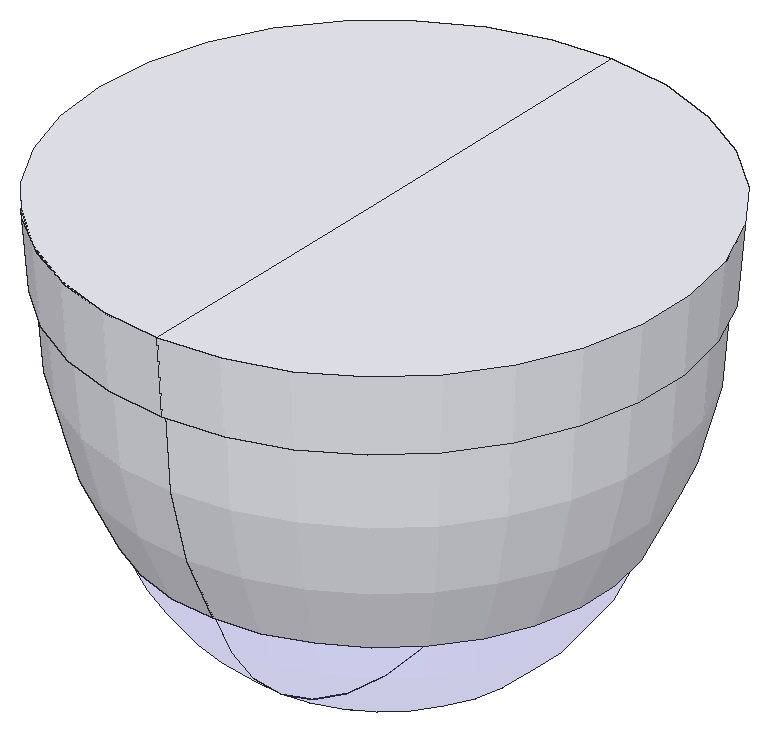
Revit family "PD4 AP types Sans hôte", category Dispositifs d'éclairage, Revit 2019
Family settings
  Conserver l'orientation des annotations = Non
  Cote de connecteur circulaire = Utiliser le diamètre
  Type d'élément = Normal
  Basée sur le plan de construction = Oui
  Toujours verticalement = Oui
  Couper avec des vides une fois chargée = Non
  Partagée = Non
  Point de calcul de pièce = Non
Parameters (values of type "01- PD4 AP Générique")
  Portée frontale [instance] = Position en hauteur * 3.2  # 800 cm
  Portée de biais [instance] = Position en hauteur * 9.6  # 2400 cm
  Hauteur de montage max préconisée [instance] = Hauteur de montage max  # 350 cm
  Hauteur de montage max = 350 cm
  Activitée assise [instance] = Position en hauteur * 2.56  # 640 cm
  Zone de detection [instance] = no
  URL = "http://www.luxomat.com"
  Type de Sortie = ""
  Température ambiante = "-25°C à +50°C"
  Référence = ""
  Relais = ""
  Position en hauteur [instance] = 250 cm
  Mode de pose = "Saillie"
  Etiquette [instance] = yes
  Modèle = "PD4 AP"
  Marque = "LUXOMAT"
  Image du type = 360°.jpg
  IP = "20 ou 54"
  Fabricant = "B.E.G."
  Default Elevation = 0 cm
  Consommation = ""
  Commentaires du type = "DET.PRES.360°/Ø24M APPARENT"
  Code d'assemblage = "D5010200"
  Classe = "II"
  Charge LED = ""
  Charge Cos ɸ =1 = ""
  Charge Cos ɸ =0.5 = ""
  Zone assise [instance] = Position en hauteur < 350.1 cm  # yes
  Alimentation = "110-240 V AC"
Types (25, lengths in cm): name | Type de Sortie | Température ambiante | Référence | Relais | Modèle | IP | Consommation | Commentaires du type | Charge LED | Charge Cos ɸ =1 | Charge Cos ɸ =0.5 | Alimentation
  (no name) | "" | "-25°C à +50°C" | "" | "" | "PD4 AP" | "20 ou 54" | "" | "DET.PRES.360°/Ø24M APPARENT" | "" | "" | "" | "110-240 V AC"
  01- PD4 AP Générique | "" | "-25°C à +50°C" | "" | "" | "PD4 AP" | "20 ou 54" | "" | "DET.PRES.360°/Ø24M APPARENT" | "" | "" | "" | "110-240 V AC"
  21- PD4N KNX DX AP réf 93387 | "KNX - 1 sortie Eclairage TOR ou GRADATION / 3 sorties Présence / Capteur de température et bruit" | "-5°C à +45°C" | "93387+93307" | "0" | "PD4N KNX DX AP" | "54" | "12 mA" | "DET.PRES.KNX.VERSION DELUXE.360°/Ø24M ENCASTRE + KIT AP réf 93307" | "0" | "0" | "0" | "24 V DC par bus KNX"
  14- PD4 M TRIO DIM AP réf 92730 | "2 DIM (25 ballasts maxi-1er jour/2ème jour) + TOR (Tableau ou CVC)" | "-25°C à +50°C" | "92730" | "16 A" | "PD4 M TRIO DIM AP" | "20 ou 54" | "0,78 W" | "DET.PRES.MAITRE.TRIO.2 DIM(1-10V) + TOR.360°/Ø24M APPARENT" | "300 W" | "3000 W" | "1500 VA" | "110-240 V AC"
  03- PD4 M 1C AP réf 92580 | "TOR" | "-25°C à +50°C" | "92580" | "10 A" | "PD4 M 1C AP" | "20 ou 54" | "0,45 W" | "DET.PRES.MAITRE.1 CONTACT.360°/Ø24M APPARENT" | "300 W" | "2300 W" | "1150 VA" | "110-240 V AC"
  07- PD4N M DACO AP réf 93460 | "DALI 2  (40 drivers maxi)" | "-25°C à +50°C" | "93460+93465" | "0" | "PD4N M DACO AP" | "54" | "2 W" | "DET.PRES.MAITRE.DALI 2.360°/Ø10M APPARENT + KIT AP réf 93465" | "0" | "0" | "0" | "110-240 V AC"
  13- PD4 M DUO DIM AP réf 92271 | "2 DIM (25 ballasts maxi-1er jour/2ème jour)" | "-25°C à +50°C" | "92271" | "10 A" | "PD4 M DUO DIM AP" | "54" | "0,50 W" | "DET.PRES.MAITRE.DUO.2 DIM(1-10V).360°/Ø24M APPARENT" | "300 W" | "2300 W" | "1150 VA" | "110-240 V AC"
  05- PD4 M 2C DUO AP réf 92158 | "2  TOR (1er jour/2ème jour)" | "-25°C à +50°C" | "92158" | "10 A" | "PD4 M 2C DUO AP" | "54" | "0,47 W" | "DET.PRES.MAITRE.DUO.2 CONTACTS.360°/Ø24M APPARENT" | "300 W" | "2300 W" | "1150 VA" | "110-240 V AC"
  12- PD4 M DIM AP réf 92147 | "DIM (50 ballasts maxi)" | "-25°C à +50°C" | "92147" | "10 A" | "PD4 M DIM AP" | "20 ou 54" | "0,50 W" | "DET.PRES.MAITRE.DIM(1-10V).360°/Ø24M APPARENT" | "300 W" | "2300 W" | "1150 VA" | "110-240 V AC"
  02- PD4N 1C AP réf 92144 | "TOR" | "-25°C à +50°C" | "92144" | "10 A" | "PD4N 1C AP" | "44" | "0,25 W" | "DET.MOUV.1 CONTACT.360°/Ø24M APPARENT" | "300 W" | "2300 W" | "1150 VA" | "110-240 V AC"
  15- PD4 S AP réf 92142 | "Esclave" | "-25°C à +50°C" | "92142" | "0" | "PD4 S AP" | "54" | "0,25 W" | "DET.PRES.ESCLAVE.360°/Ø24M APPARENT" | "0" | "0" | "0" | "110-240 V AC"
  04- PD4 M 2C AP réf 92140 | "TOR + CVC" | "-25°C à +50°C" | "92140" | "10 A / 3 A" | "PD4 M 2C AP" | "54" | "0,47 W" | "DET.PRES.MAITRE.2 CONTACTS.360°/Ø24M APPARENT" | "300 W" | "2300 W" | "1150 VA" | "110-240 V AC"
  10- PD4 M DAA4G AP réf 92743 | "DALI Adressable Autonome (64 ballasts maxi) + TOR" | "-25°C à +50°C" | "92743" | "10 A" | "PD4 M DAA4G AP" | "20" | "0.4 W" | "DET.PRES.MAITRE.DALI ADRESSABLE AUTONOME + TOR.360°/Ø24M APPARENT" | "300 W" | "2300 W" | "1150 VA" | "110-240 V AC"
  06- PD4 M 3C TRIO AP réf 92740 | "3  TOR (1er jour/2ème jour + Tableau ou CVC)" | "-25°C à +50°C" | "92740" | "16 A" | "PD4 M 3C TRIO AP" | "20 ou 54" | "0,58 W" | "DET.PRES.MAITRE.TRIO.3 CONTACTS.360°/Ø24M APPARENT" | "300 W" | "3000 W" | "1500 VA" | "110-240 V AC"
  09- PD4 M TRIO 2DALI/DSI 1C AP réf 92751 | "2 DALI (25 ballasts maxi-1er jour/2ème jour) + TOR (Tableau ou CVC)" | "-25°C à +50°C" | "92751" | "16 A" | "PD4 M TRIO 2DALI/DSI 1C AP" | "20 ou 54" | "0,78 W" | "DET.PRES.MAITRE.TRIO.2 DALI/DSI + TOR.360°/Ø24M APPARENT" | "300 W" | "3000 W" | "1500 VA" | "110-240 V AC"
  20- PD4N KNX ST AP réf 93385 | "KNX - 1 sortie Eclairage TOR ou GRADATION / 3 sorties Présence" | "-5°C à +45°C" | "93385+93307" | "0" | "PD4N KNX ST AP" | "54" | "12 mA" | "DET.PRES.KNX.VERSION STANDARD.360°/Ø24M ENCASTRE + KIT AP réf 93307" | "0" | "0" | "0" | "24 V DC par bus KNX"
  24- PD4N LON AP réf 92834 | "LON" | "-5°C à +45°C" | "92834" | "0" | "PD4N LON AP" | "20 ou 54" | "12 mA" | "DET.PRES.LON.360°/Ø24M APPARENT" | "0" | "0" | "0" | "24 V DC par bus LON"
  19- PD4N BMS DALI 2 AP réf 93546 | "DALI 2 adressable - BMS" | "-25°C à +50°C" | "93546+93307" | "0" | "PD4N BMS DALI 2 AP" | "54" | "7 mA" | "MULTI.CAPTEUR.PRES.BMS.DALI 2.360°/Ø24M APPARENT" | "0" | "0" | "0" | "10-22V DC par bus DALI"
  16- PD4 S DAA4G AP réf 92759 | "DALI Esclave" | "-25°C à +50°C" | "92759" | "0" | "PD4 S DAA4G AP" | "54" | "7 mA" | "DET.PRES.ESCLAVE.DALI.360°/Ø24M APPARENT" | "0" | "0" | "0" | "22 V DC par bus DALI"
  11- PD4 M HCL2 AP réf 93485 | "DALI HCL Adressable Autonome (64 ballasts maxi) + TOR" | "-25°C à +50°C" | "93485" | "10 A" | "PD4 M HCL2 AP" | "20" | "0.4 W" | "DET.PRES.MAITRE.DALI ADRESSABLE AUTONOME HCL + TOR.360°/Ø24M APPARENT" | "300 W" | "2300 W" | "1150 VA" | "110-240 V AC"
  17- PD4N DALILINK AP réf 93377 | "DALILINK" | "-25°C à +55°C" | "93377+93307" | "0" | "PD4N DALILINK AP" | "54" | "7 mA" | "MULTI.CAPTEUR.PRES.DALILINK.360°/Ø24M FAUX PLAFOND + KIT AP réf 93307" | "0" | "0" | "0" | "16V DC par bus DALI"
  18- PD4N DALISYS AP réf 93340 | "DALI adressable" | "-25°C à +55°C" | "93340+93307" | "0" | "PD4N DALISYS AP" | "54" | "7 mA" | "MULTI.CAPTEUR.PRES.DALISYS.360°/Ø24M FAUX PLAFOND + KIT AP réf 93307" | "0" | "0" | "0" | "10-22V DC par bus DALI"
  08- PD4N M DACO 1C AP réf 93463 | "DALI 2 (40 drivers maxi) + Contact NO" | "-25°C à +50°C" | "93463+93465" | "10 A" | "PD4N M DACO 1C AP" | "54" | "2 W" | "DET.PRES.MAITRE.DALI 2 + CONTACT NO.360°/Ø10M APPARENT + KIT AP réf 93465" | "300 W" | "2300 W" | "1150 VA" | "110-240 V AC"
  22- PD4N KNXs ST AP réf 93515 | "KNX Sécure - 1 sortie Eclairage TOR ou GRADATION / 3 sorties Présence / HCL" | "-5°C à +45°C" | "93515+93307" | "0" | "PD4N KNXs ST AP" | "54" | "12 mA" | "DET.PRES.KNX Sécure.VERSION STANDARD.360°/Ø24M ENCASTRE + KIT AP réf 93307" | "0" | "0" | "0" | "24 V DC par bus KNX"
  23- PD4N KNXs DX AP réf 93517 | "KNX Sécure - 1 sortie Eclairage TOR ou GRADATION / 3 sorties Présence / Capteur de température et bruit / HCL" | "-5°C à +45°C" | "93517+93307" | "0" | "PD4N KNXs DX AP" | "54" | "12 mA" | "DET.PRES.KNX Sécure.VERSION DELUXE.360°/Ø24M ENCASTRE + KIT AP réf 93307" | "0" | "0" | "0" | "24 V DC par bus KNX"
Reference planes (cm)
  plane 1 "Centre (avant/arrière)": y = 0
  plane 2: z = 0
  plane 3 "Centre (gauche/droite)": x = 0
Dimensions and locks (cm)
  aligned and locked: level to plane 2
  aligned and locked: nested 3 to plane 3 "Centre (gauche/droite)"
  aligned and locked: nested 3 to plane 1 "Centre (avant/arrière)"
  aligned and locked: nested 3 to nested 4  (x2)
Nested families (cm)
  nested 1: "Famille4" at (2, -60.6693, 0), visible <- "Etiquette", référence <- "Référence", modèle <- "Modèle", type "Famille4"
    with référence "", modèle "PD4 AP"
  nested 2: "Plafond 360° 2D" at (0, 0, 0), type "Plafond 360° 2D"
  nested 3: "zone H" at (0, 0, 0), biais <- "Portée de biais", frontal <- "Portée frontale", activité assise <- "Activitée assise", Zone assise <- "Zone assise", visible <- "Zone de detection", type "zone H"
    with position 2 320 cm, position 1 800 cm, frontal 800 cm, biais 2400 cm, activité assise 640 cm, Zone assise yes
  nested 4: "M14" at (0, 0, 0), type "Standard"
Connectors (cm)
  electrical at (0, 0, 0)
    settings: index 1, voltage 230 V, apparent load 0 VA, apparent load phase1 0 VA, apparent load phase2 0 VA, apparent load phase3 0 VA, power factor 1, load classification "Eclairage", number of poles 1, system type 31, power factor state 1, is connector primary yes, connector utility no, sub classification motor no, connector description ""
Definition of nested family "M14"
  Reference planes (cm)
    plane 1 "Centre (avant/arrière)": y = 0
    plane 2: z = 0
    plane 3 "Centre (gauche/droite)": x = 0
    plane 4: x = 0
  Forms (cm)
    Revolve 1, solid
      sketch origin (0, 0, 0) x (0, -1, 0) y (0, 0, 1)
        loop
          line (0, 0) -> (-5.05, 0) -> (-4.9363, -1.3) -> (-4.8363, -1.3)
          arc (-4.8363, -1.3) -> (-4.577, -3.2225) -> (-3.8, -5) r 7
          line (-3.8, -5) -> (0, -5) -> (0, 0)
        axis (0, 0) -> (0, -5)
      angle from 0 to 360
    Revolve 2, solid
      sketch origin (0, 0, 0) x (0, -1, 0) y (0, 0, 1)
        loop
          line (0, -7.6) -> (0, -5) -> (-3.75, -5)
          arc (-3.75, -5) -> (-2.2816, -6.8864) -> (0, -7.6) r 4.0043
        axis (0, -5) -> (0, -7.6)
      angle from 0 to 360
  Dimensions and locks (cm)
    aligned and locked: level to plane 2
Definition of nested family "Famille4"
  Parameters (values of type "Famille4")
    référence [instance] = ""
    modèle [instance] = ""
  Reference planes (cm)
    plane 1: y = 0
    plane 2: x = 0
  Text (cm)
    label "référence\nmodèle" at (-0.0235, 0.0091, 0), shows "référence", "modèle"
Definition of nested family "Plafond 360° 2D"
  Reference planes (cm)
    plane 1: y = 0
    plane 2: x = 0
  Lines and regions (cm)
    Filled region 1, type "rouge"
      outline origin (0, 0, 0) x (1, 0, 0) y (0, 1, 0)
        loop
          circle (0, 0) r 0.0294
    detail lines
      curve 1: arc (-0.1732, 0.1, 0) -> (-0.2, 0, 0) -> (-0.1732, -0.1, 0) r 0.2
      curve 2: arc (-0.1, -0.1732, 0) -> (0, -0.2, 0) -> (0.1, -0.1732, 0) r 0.2
      curve 3: arc (0.1732, -0.1, 0) -> (0.2, 0, 0) -> (0.1732, 0.1, 0) r 0.2
      curve 4: arc (0.1, 0.1732, 0) -> (0, 0.2, 0) -> (-0.1, 0.1732, 0) r 0.2
      curve 5: arc (-0.1375, 0.0794, 0) -> (-0.1588, 0, 0) -> (-0.1375, -0.0794, 0) r 0.1588
      curve 6: arc (-0.0794, -0.1375, 0) -> (0, -0.1588, 0) -> (0.0794, -0.1375, 0) r 0.1588
      curve 7: arc (0.1375, -0.0794, 0) -> (0.1588, 0, 0) -> (0.1375, 0.0794, 0) r 0.1588
      curve 8: arc (0.0794, 0.1375, 0) -> (0, 0.1588, 0) -> (-0.0794, 0.1375, 0) r 0.1588
      curve 9: arc (-0.1019, 0.0588, 0) -> (-0.1176, 0, 0) -> (-0.1019, -0.0588, 0) r 0.1176
      curve 10: arc (-0.0588, -0.1019, 0) -> (0, -0.1176, 0) -> (0.0588, -0.1019, 0) r 0.1176
      curve 11: arc (0.1019, -0.0588, 0) -> (0.1176, 0, 0) -> (0.1019, 0.0588, 0) r 0.1176
      curve 12: arc (0.0588, 0.1019, 0) -> (0, 0.1176, 0) -> (-0.0588, 0.1019, 0) r 0.1176
      curve 13: arc (-0.0294, 0, 0) -> (0, -0.0294, 0) -> (0.0294, 0, 0) r 0.0294
      curve 14: arc (0.0294, 0, 0) -> (0, 0.0294, 0) -> (-0.0294, 0, 0) r 0.0294
Definition of nested family "zone H"
  Parameters (values of type "zone H")
    position 2 [instance] = (frontal / 2) * 0.8  # 320 cm
    position 1 [instance] = ((biais / 2) + (frontal / 2)) / 2  # 800 cm
    frontal [instance] = 800 cm
    biais [instance] = 2400 cm
    activité assise [instance] = 640 cm
    Zone assise [instance] = yes
  Reference planes (cm)
    plane 1 "Centre (avant/arrière)": y = 0
    plane 2: z = 0
    plane 3 "Centre (gauche/droite)": x = 0
    plane 4: x = -800
    plane 5: y = -320
  Lines and regions (cm)
    detail lines, in view "Niveau de réf.", visible <- "Zone assise"
      curve 1: circle (0, 0, 0) r 320 normal (0, 0, 1)
      curve 4: spline (-159.1609, 35.3835, 0) -> (-158.2494, 35.2529, 0) -> (-157.3931, 34.8281, 0) -> (-156.6502, 34.138, 0) -> (-156.0714, 33.2297, 0) -> (-155.6961, 32.165, 0) -> (-155.55, 31.0166, 0) -> (-155.643, 29.8626, 0) -> (-155.9687, 28.7818, 0) -> (-156.5049, 27.8477, 0) -> (-157.2152, 27.1241, 0) -> (-158.051, 26.6602, 0) -> (-158.9555, 26.4877, 0) -> (-159.867, 26.6183, 0) -> (-160.7234, 27.0431, 0) -> (-161.4663, 27.7332, 0) -> (-162.0451, 28.6415, 0) -> (-162.4203, 29.7062, 0) -> (-162.5664, 30.8546, 0) -> (-162.4735, 32.0085, 0) -> (-162.1478, 33.0894, 0) -> (-161.6115, 34.0234, 0) -> (-160.9013, 34.7471, 0) -> (-160.0654, 35.211, 0) -> (-159.1609, 35.3835, 0)
      curve 12: line (-159, 26, 0) -> (-159, 0, 0)
      curve 13: line (-159, 0, 0) -> (-142, 0, 0)
      curve 14: line (-142, 0, 0) -> (-142, -21, 0)
      curve 15: line (-159, 22.2972, 0) -> (-146.1203, 15.4489, 0)
      curve 16: line (-169.5298, 20.3537, 0) -> (-164.6439, -2.6328, 0)
      curve 17: line (-164.6439, -2.6328, 0) -> (-144.0082, -2.6328, 0)
      curve 18: line (-149.8164, -2.6328, 0) -> (-149.8164, -21, 0)
      curve 19: line (-161.3261, -2.6328, 0) -> (-161.3261, -21, 0)
      curve 31: line (-149.8151, 8.5, 0) -> (-123.3151, 8.5, 0)
      curve 32: line (-128, 8.5, 0) -> (-128, -21, 0)
      curve 35: line (-134.5, 8.5, 0) -> (-134.5, -21, 0)
    detail lines, in view "Niveau de réf."
      curve 2: circle (0, 0, 0) r 400 normal (0, 0, 1)
      curve 3: circle (0, 0, 0) r 1200 normal (0, 0, 1)
      curve 6: line (-800, -57.4473, 0) -> (-800, 25.4977, 0)
      curve 7: line (-800, 25.4977, 0) -> (-822.1638, -2.8706, 0)
      curve 10: line (0, -402.945, 0) -> (0, -320, 0)
      curve 11: line (0, -320, 0) -> (-22.1638, -348.3684, 0)
      curve 28: line (-800, 25.4977, 0) -> (-777.8362, -2.8706, 0)
      curve 29: line (0, -320, 0) -> (22.1638, -348.3684, 0)
    detail lines, in view "Niveau de réf.", visible <- "Zone assise", not visible
      curve 5: spline (932.3619, 15.8637, 0) -> (933.2734, 15.7331, 0) -> (934.1297, 15.3083, 0) -> (934.8726, 14.6182, 0) -> (935.4514, 13.7099, 0) -> (935.8267, 12.6452, 0) -> (935.9728, 11.4968, 0) -> (935.8798, 10.3428, 0) -> (935.5541, 9.262, 0) -> (935.0179, 8.3279, 0) -> (934.3076, 7.6043, 0) -> (933.4718, 7.1404, 0) -> (932.5673, 6.9679, 0) -> (931.6558, 7.0985, 0) -> (930.7994, 7.5233, 0) -> (930.0565, 8.2134, 0) -> (929.4777, 9.1217, 0) -> (929.1025, 10.1864, 0) -> (928.9564, 11.3348, 0) -> (929.0493, 12.4888, 0) -> (929.375, 13.5696, 0) -> (929.9113, 14.5037, 0) -> (930.6215, 15.2273, 0) -> (931.4574, 15.6912, 0) -> (932.3619, 15.8637, 0)
      curve 20: line (932.5228, 6.4802, 0) -> (932.5228, -19.5198, 0)
      curve 21: line (932.5228, -19.5198, 0) -> (949.5228, -19.5198, 0)
      curve 22: line (949.5228, -19.5198, 0) -> (949.5228, -40.5198, 0)
      curve 23: line (932.5228, 2.7774, 0) -> (945.4025, -4.0709, 0)
      curve 24: line (921.993, 0.8339, 0) -> (926.8789, -22.1526, 0)
      curve 25: line (926.8789, -22.1526, 0) -> (947.5146, -22.1526, 0)
      curve 26: line (941.7064, -22.1526, 0) -> (941.7064, -40.5198, 0)
      curve 27: line (930.1967, -22.1526, 0) -> (930.1967, -40.5198, 0)
      curve 33: line (941.7077, -11.0198, 0) -> (968.2077, -11.0198, 0)
      curve 34: line (963.5228, -11.0198, 0) -> (963.5228, -40.5198, 0)
      curve 36: line (957.0228, -11.0198, 0) -> (957.0228, -40.5198, 0)
    detail lines, in view "Niveau de réf.", not visible
      curve 8: line (628.0656, -64.277, 0) -> (628.0656, 18.6681, 0)
      curve 9: line (628.0656, 18.6681, 0) -> (605.9018, -9.7003, 0)
      curve 30: line (628.0656, 18.6681, 0) -> (650.2294, -9.7003, 0)
  Dimensions and locks (cm)
    "position 1": plane 4 to plane 3 "Centre (gauche/droite)"
    "position 2": plane 5 to plane 1 "Centre (avant/arrière)"
    "activité assise": diameter of curve 1
    "biais": diameter of curve 3
    "frontal": diameter of curve 2
    aligned and locked: plane 4 to curve 6
    aligned and locked: curve 10 to plane 3 "Centre (gauche/droite)"
    aligned and locked: plane 5 to curve 29
    aligned and locked: curve 14 to plane 1 "Centre (avant/arrière)"
  Automatic sketch dimensions
    curve 7 to curve 7 = 22.1638 cm
    curve 6 to curve 28 = 22.1638 cm
    curve 28 to curve 7 = 28.3684 cm
    curve 7 to curve 7 = 28.3684 cm
    curve 6 to curve 7 = 54.5767 cm
    curve 11 to curve 11 = 22.1638 cm
    curve 10 to curve 29 = 22.1638 cm
    curve 29 to curve 11 = 28.3684 cm
    curve 11 to curve 11 = 28.3684 cm
    curve 10 to curve 11 = 54.5767 cm
    curve 9 to curve 9 = 22.1638 cm
    curve 8 to curve 30 = 22.1638 cm
    curve 30 to curve 9 = 28.3684 cm
    curve 9 to curve 9 = 28.3684 cm
    curve 8 to curve 9 = 54.5767 cm
    curve 16 to curve 12 = 5.6439 cm
    curve 12 to curve 14 = 17 cm
    curve 19 to curve 13 = 2.6328 cm
    curve 16 to curve 15 = 10.5298 cm
    curve 16 to curve 19 = 3.3178 cm
    curve 4 to curve 12 = 0.1609 cm
    curve 4 to curve 4 = 0.1027 cm
    curve 18 to curve 13 = 7.8164 cm
    curve 18 to curve 31 = 0.0013 cm
    curve 31 to curve 15 = 3.6948 cm
    curve 17 to curve 13 = 2.0082 cm
    curve 13 to curve 35 = 7.5 cm
    curve 35 to curve 32 = 6.5 cm
    curve 32 to curve 31 = 4.6849 cm
    curve 35 to curve 17 = 18.3672 cm
    curve 18 to curve 35 = 0 cm
    curve 14 to curve 35 = 0 cm
    curve 19 to curve 18 = 0 cm
    curve 35 to curve 32 = 0 cm
    curve 13 to curve 31 = 8.5 cm
    curve 31 to curve 15 = 6.9489 cm
    curve 12 to curve 16 = 20.3537 cm
    curve 16 to curve 15 = 1.9435 cm
    curve 15 to curve 12 = 3.7028 cm
    curve 12 to curve 4 = 4.9356 cm
    curve 24 to curve 20 = 5.6439 cm
    curve 20 to curve 22 = 17 cm
    curve 27 to curve 21 = 2.6328 cm
    curve 24 to curve 23 = 10.5298 cm
    curve 24 to curve 27 = 3.3178 cm
    curve 5 to curve 20 = 0.1609 cm
    curve 5 to curve 5 = 0.1027 cm
    curve 26 to curve 21 = 7.8164 cm
    curve 26 to curve 33 = 0.0013 cm
    curve 33 to curve 23 = 3.6948 cm
    curve 25 to curve 21 = 2.0082 cm
    curve 21 to curve 36 = 7.5 cm
    curve 36 to curve 34 = 6.5 cm
    curve 34 to curve 33 = 4.6849 cm
    curve 36 to curve 25 = 18.3672 cm
    curve 26 to curve 36 = 0 cm
    curve 22 to curve 36 = 0 cm
    curve 27 to curve 26 = 0 cm
    curve 36 to curve 34 = 0 cm
    curve 21 to curve 33 = 8.5 cm
    curve 33 to curve 23 = 6.9489 cm
    curve 20 to curve 24 = 20.3537 cm
    curve 24 to curve 23 = 1.9435 cm
    curve 23 to curve 20 = 3.7028 cm
    curve 20 to curve 5 = 4.9356 cm
    curve 1 to curve 2 = 0 cm  (x2)
    curve 1 to curve 3 = 0 cm  (x2)
    curve 2 to curve 3 = 0 cm  (x2)
    plane 1 "Centre (avant/arrière)" to curve 2 = 0 cm
    curve 2 to plane 3 "Centre (gauche/droite)" = 0 cm
